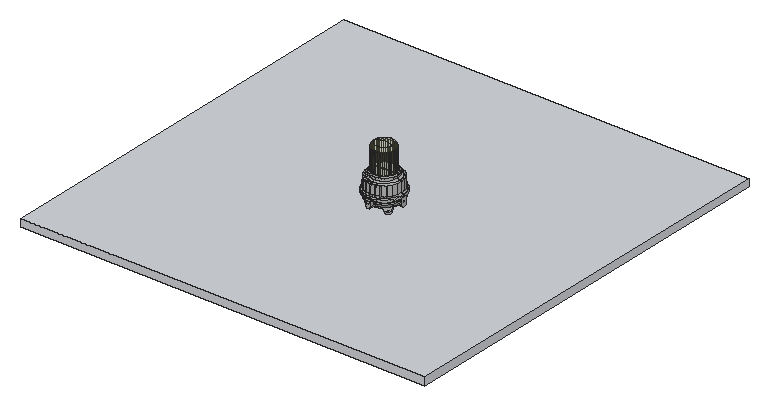
Revit family "ECJN", category Lighting Fixtures, host Face, Revit 2014
Parameters (values of type "ECJN")
  Wings = Paint - Hubbell - Light Silver
  Width = 280.00 mm
  Watts = 75 W
  Wattage Comments = "75W"
  Wattage = 50 W
  Warranty = "5 years Warranty"  # constant formula
  built-in parameter 1150110 = 1 (stored number, unit not read)
  Voltage = 120 V
  URL = "https://www.hubbell.com/chalmit/en"
  built-in parameter 1114217 = 1 (stored number, unit not read)
  Tilt Angle = 90.00°  # constant formula
  built-in parameter 1150109 = 1 (stored number, unit not read)
  built-in parameter 1150134 = 3
  built-in parameter 1150113 = 1 (stored number, unit not read)
  Reflector Finish = Hubbell - White Glass
  Product Link = "https://www.hubbell.com/chalmit/en/Products/Lighting-Controls/Harsh-Hazardous-Lighting/High-Bay---Low-Bay---Well-Glass/Eclipse-Jr/p/866077"
  Product Documentation Link = "https://hubbellcdn.com/specsheet/CHL_ECLIPSE_JR_WELLGLASS_ZONE2.pdf"
  Power Factor = 1
  Photometric Web File = "CHL_ECJN_050_HS.ies"
  Pendent Height [instance] = 97.00 mm
  built-in parameter 1150142 = "﻿IESNA:LM-63-1995\r\n[TEST]BAL-5466\r\n[DATE]UNKNOWN\r\n[MANUFAC]Chalmit Lighting\r\n[LUMCAT]ECJN/050/HS\r\n[LUMINAIRE]Eclipse Junior Well Glass\r\n[LAMP]50W SON-E\r\n[_LUMTYPE]Low Bay\r\n[_LAMPTYPE]HID\r\n[_LAMPMORE]Coated Elliptical High Pressure Sodium, E27\r\n[_HAZRATING]Zone 2\r\n[_HAZPRO]Ex nA, Ex nR, ATEX, GOST, CEPEL\r\n[_ENVIRORATING]IP66\r\n[_AMBIENT]-45°C to +50°C (T4)\r\n[_MOUNT]Surface, Suspended, Wall, Stanchion, Pendant\r\n[_KEYWORDS]Wire Guard, Pole, Column, Mast, HPS\r\n[_DRAWFILE]ECLIPSEJR.dwg\r\nLAMP TYPE: H39KC-175DX\r\nLUMINAIRE WITH GLASS GLOBE ONLY NO GUARD\r\n \r\nTILT=NONE\r\n1 3500 1 37 1 1 1 0.46 0.46 0.55\r\n1 1 60\r\n0 5 10 15 20 25 30 35 40 45 50 55 60 65 70 75 80 85 90 95 100 105 110 115 120\r\n 125 130 135 140 145 150 155 160 165 170 175 180\r\n0\r\n144.5 143.7 151.4 165.6 179.1 198.6 232.4 265.8 288.6 302 318.3 328 336.2 347.1\r\n 345.9 349.6 355.7 353.3 345.1 343.1 332.9 312.1 288.9 261.3 223.8 164.4 109.1\r\n 62.7 19.1 2.1 0.8 0 0 0 0 0 0\r\n\r\n"
  Mounting = Paint - Hubbell - Light Silver
  Model = "ECJN"
  Manufacturer = "Chalmit"  # constant formula
  built-in parameter 1150105 = 397.89 (stored number, unit not read)
  Lumens = 5000 lm
  built-in parameter 1150115 = 1 (stored number, unit not read)
  Load Classification = Lighting
  built-in parameter 1150137 = (empty or 0)
  built-in parameter 1150139 = (empty or 0)
  Length = 245.00 mm
  built-in parameter 1150112 = 1 (stored number, unit not read)
  built-in parameter 1150114 = 1 (stored number, unit not read)
  Lamp = "LED"  # constant formula
  Inner Length = 200.00 mm
  built-in parameter 1150132 = (empty or 0)
  built-in parameter 1150102 = (empty or 0)
  built-in parameter 1150107 = 3200 (stored number, unit not read)
  built-in parameter 1150138 = (empty or 0)
  built-in parameter 1150106 = 3.9789 (stored number, unit not read)
  IP Rating = "IP66/67"  # constant formula
  Housing Material = Paint - Hubbell - White Texture
  Glass = Hubbell - Glass
  Fixture distribution = "Direct"  # constant formula
  Features = "Compact size and low weight.\r\nEasy access for wiring and control gear.\r\nUnrestricted breathing gear enclosure removes the need for special glands or cable.\r\nCorrosion resistant.\r\nExcellent light distribution.\r\nSuitable for a wide range of ambient temperatures from -30˚C to +55˚C, dependant on lamp type and wattage.\r\nOption available for Zone 22 combustable dust environments.\r\nGOST-R and CEPEL Approved."  # constant formula
  Emit from Circle Diameter = 50.00 mm
  Emit Shape Visible in Rendering = no
  built-in parameter 1150104 = 9.2903 (stored number, unit not read)
  Height = 535.00 mm
  Dimming Lamp Color Temperature Shift = <None>
  Description = "The Eclipse Junior is a compact wellglass that incorporates the low maintenance features of the Eclipse II. Its low profile design and range of mounting options, offers an all round lighting solution in areas of limited space. The junior is available with a range up lamp types up to 150W and is suitable for use at low temperatures (-30°C)."  # constant formula
  Default Elevation = 1219.20 mm
  Copyright = " ©2020 Chalmit, a division of Hubbell Lighting, Inc"  # constant formula
  Contact = "https://www.hubbell.com/chalmit/en/contactUs"
  Connector Description = "Lighting Connector"  # constant formula
  Color Filter = 16777215
  built-in parameter 1114218 = 1 (stored number, unit not read)
  built-in parameter 1150133 = 10 (stored number, unit not read)
  Assembly Code = "D5020200"
  Apparent Load = Watts / Power Factor  # 75 VA
Reference planes
  plane 1 "Center (Front/Back)": y = 0
  plane 2: z = 14.125
  plane 3 "Center (Left/Right)": x = 0
  plane 4: z = -150.375
  plane 5: x = 122.5
  plane 6: x = -122.5
  plane 7: z = 189.125
  plane 8: z = 324.125
  plane 9: z = 105.125
  plane 10: z = 189.125
  plane 11: x = -100
  plane 12: x = 100
Forms (mm)
  Extrusion 1, solid
    sketch origin (0, 0, 0) x (1, 0, 0) y (0, 1, 0)
      loop
        line (-1219.2, 1219.2) -> (-1219.2, -1219.2) -> (1219.2, -1219.2) -> (1219.2, 1219.2) -> (-1219.2, 1219.2)
    from 14.125 to -31.75
  Revolve 2, solid, material "Paint - Hubbell - White Texture" <- "Housing Material"
    sketch origin (0, 0, 0) x (1, 0, 0) y (0, 0, 1)
      loop
        line (0, 14.125) -> (115, 14.125) -> (115, 70.653)
        arc (115, 70.653) -> (114.187, 73.084) -> (112.074, 74.537) r 4.041
        arc (112.074, 74.537) -> (106.528, 78.349) -> (104.393, 84.732) r 10.607
        line (104.393, 84.732) -> (102.474, 139.698)
        arc (102.474, 139.698) -> (99.552, 143.579) -> (94.924, 145.053) r 8
        line (94.924, 145.053) -> (88.203, 145.053)
        arc (88.203, 145.053) -> (82.44, 147.14) -> (79.35, 152.432) r 9
        line (79.35, 152.432) -> (79.35, 167.432)
        arc (79.35, 167.432) -> (77.885, 170.967) -> (74.35, 172.432) r 5
        line (74.35, 172.432) -> (0, 172.432) -> (0, 14.125)
      axis (0, 172.432) -> (0, 14.125)
    angle from 0 to 360
  Revolve 3, solid, material "Hubbell - Glass" <- "Glass"
    sketch origin (0, 0, 0) x (1, 0, 0) y (0, 0, 1)
      loop
        line (0, 172.789) -> (69.904, 172.789) -> (67.81, 292.77)
        arc (67.81, 292.77) -> (62.53, 307.68) -> (49.34, 316.411) r 24.925
        arc (49.34, 316.411) -> (24.876, 321.585) -> (0, 324.125) r 234.457
        line (0, 324.125) -> (0, 172.789)
      axis (0, 324.125) -> (0, 172.789)
    angle from 0 to 360
  Extrusion 4, solid, material "Paint - Hubbell - White Texture" <- "Housing Material"
    sketch origin (-0.804, 79.196, 0) x (0, -1, 0) y (0, 0, -1)
      loop
        line (63.393, -63.584) -> (95, -63.584) -> (95, -29.88)
        arc (95, -29.88) -> (79.196, -14.076) -> (63.393, -29.88) r 15.804
        line (63.393, -29.88) -> (63.393, -63.584)
      loop
        circle (79.821, -44.623) r 10
    from 90 to 120
  Revolve 5, void
    sketch origin (0, 0, 0) x (1, 0, 0) y (0, 0, 1)
      loop
        arc (116.125, 57.864) -> (111.159, 56.24) -> (107.934, 52.128) r 8.99
        line (107.934, 52.128) -> (107.934, 40.837) -> (94.489, 22.332) -> (94.489, 8.597) -> (128.307, 8.597) -> (128.307, 57.864) -> (116.125, 57.864)
      axis (0, 57.864) -> (0, 8.597)
    angle from 0 to 360
  Extrusion 6, solid, material "Paint - Hubbell - White Texture" <- "Housing Material"
    sketch origin (0.804, 79.196, 0) x (0, -1, 0) y (0, 0, 1)
      loop
        line (63.393, 63.584) -> (63.393, 29.88)
        arc (63.393, 29.88) -> (79.196, 14.076) -> (95, 29.88) r 15.804
        line (95, 29.88) -> (95, 63.584) -> (63.393, 63.584)
      loop
        circle (79.821, 44.623) r 10
    from 90 to 120
  Extrusion 7, solid, material "Paint - Hubbell - White Texture" <- "Housing Material"
    sketch origin (79.196, -0.804, 0) x (-1, 0, 0) y (0, 0, 1)
      loop
        line (63.393, 63.584) -> (63.393, 29.88)
        arc (63.393, 29.88) -> (79.196, 14.076) -> (95, 29.88) r 15.804
        line (95, 29.88) -> (95, 63.584) -> (63.393, 63.584)
      loop
        circle (79.821, 44.623) r 10
    from 90 to 120
  Extrusion 8, solid, material "Paint - Hubbell - White Texture" <- "Housing Material"
    sketch origin (79.196, 0.804, 0) x (-1, 0, 0) y (0, 0, -1)
      loop
        line (63.393, -63.584) -> (95, -63.584) -> (95, -29.88)
        arc (95, -29.88) -> (79.196, -14.076) -> (63.393, -29.88) r 15.804
        line (63.393, -29.88) -> (63.393, -63.584)
      loop
        circle (79.821, -44.623) r 10
    from 90 to 120
  Extrusion 9, solid, material "Paint - Hubbell - White Texture" <- "Housing Material"
    sketch origin (0, 0, 0) x (-0.707107, 0.707107, 0) y (-0.707107, -0.707107, 0)
      loop
        line (-140.251, -18.536) -> (-89.365, -30.695)
        arc (-89.365, -30.695) -> (-93.199, -15.56) -> (-94.489, 0) r 94.489
        arc (-94.489, 0) -> (-93.771, 11.63) -> (-91.626, 23.083) r 94.489
        line (-91.626, 23.083) -> (-140.251, 11.464)
        arc (-140.251, 11.464) -> (-152.089, -3.536) -> (-140.251, -18.536) r 15.422
      loop
        circle (-134.017, -3.536) r 3.5
    from 22.332 to 14.125
  Extrusion 10, solid, material "Paint - Hubbell - White Texture" <- "Housing Material"
    sketch origin (0, 0, 0) x (0.707107, -0.707107, 0) y (0.707107, 0.707107, 0)
      loop
        arc (-140.251, 18.536) -> (-152.089, 3.536) -> (-140.251, -11.464) r 15.422
        line (-140.251, -11.464) -> (-91.626, -23.083)
        arc (-91.626, -23.083) -> (-93.771, -11.63) -> (-94.489, 0) r 94.489
        arc (-94.489, 0) -> (-93.199, 15.56) -> (-89.365, 30.695) r 94.489
        line (-89.365, 30.695) -> (-140.251, 18.536)
      loop
        circle (-134.017, 3.536) r 3.5
    from 22.332 to 14.125
  Extrusion 11, void
    sketch origin (0, 0, 0) x (1, 0, 0) y (0, 1, 0)
      loop
        line (-4.603, 71.864) -> (-4.603, 66.864) -> (4.147, 66.864) -> (4.147, 71.864) -> (-4.603, 71.864)
      loop
        line (14.154, 70.607) -> (12.859, 65.777) -> (21.311, 63.513) -> (22.605, 68.342) -> (14.154, 70.607)
      loop
        line (31.946, 64.538) -> (29.446, 60.208) -> (37.023, 55.833) -> (39.523, 60.163) -> (31.946, 64.538)
      loop
        line (47.561, 54.071) -> (44.025, 50.535) -> (50.212, 44.348) -> (53.748, 47.884) -> (47.561, 54.071)
      loop
        line (59.935, 39.919) -> (55.605, 37.419) -> (59.98, 29.841) -> (64.31, 32.341) -> (59.935, 39.919)
      loop
        line (68.224, 23.046) -> (63.395, 21.752) -> (65.659, 13.3) -> (70.489, 14.594) -> (68.224, 23.046)
      loop
        line (71.864, 4.603) -> (66.864, 4.603) -> (66.864, -4.147) -> (71.864, -4.147) -> (71.864, 4.603)
      loop
        line (-14.154, 70.607) -> (-22.605, 68.342) -> (-21.311, 63.513) -> (-12.859, 65.777) -> (-14.154, 70.607)
      loop
        line (-31.946, 64.538) -> (-39.523, 60.163) -> (-37.023, 55.833) -> (-29.446, 60.208) -> (-31.946, 64.538)
      loop
        line (-47.561, 54.071) -> (-53.748, 47.884) -> (-50.212, 44.348) -> (-44.025, 50.535) -> (-47.561, 54.071)
      loop
        line (-59.935, 39.919) -> (-64.31, 32.341) -> (-59.98, 29.841) -> (-55.605, 37.419) -> (-59.935, 39.919)
      loop
        line (-68.224, 23.046) -> (-70.489, 14.594) -> (-65.659, 13.3) -> (-63.395, 21.752) -> (-68.224, 23.046)
      loop
        line (-71.864, 4.603) -> (-71.864, -4.147) -> (-66.864, -4.147) -> (-66.864, 4.603) -> (-71.864, 4.603)
      loop
        line (-4.603, -71.864) -> (4.147, -71.864) -> (4.147, -66.864) -> (-4.603, -66.864) -> (-4.603, -71.864)
      loop
        line (14.154, -70.607) -> (22.605, -68.342) -> (21.311, -63.513) -> (12.859, -65.777) -> (14.154, -70.607)
      loop
        line (31.946, -64.538) -> (39.523, -60.163) -> (37.023, -55.833) -> (29.446, -60.208) -> (31.946, -64.538)
      loop
        line (47.561, -54.071) -> (53.748, -47.884) -> (50.212, -44.348) -> (44.025, -50.535) -> (47.561, -54.071)
      loop
        line (59.935, -39.919) -> (64.31, -32.341) -> (59.98, -29.841) -> (55.605, -37.419) -> (59.935, -39.919)
      loop
        line (68.224, -23.046) -> (70.489, -14.594) -> (65.659, -13.3) -> (63.395, -21.752) -> (68.224, -23.046)
      loop
        line (-14.154, -70.607) -> (-12.859, -65.777) -> (-21.311, -63.513) -> (-22.605, -68.342) -> (-14.154, -70.607)
      loop
        line (-31.946, -64.538) -> (-29.446, -60.208) -> (-37.023, -55.833) -> (-39.523, -60.163) -> (-31.946, -64.538)
      loop
        line (-47.561, -54.071) -> (-44.025, -50.535) -> (-50.212, -44.348) -> (-53.748, -47.884) -> (-47.561, -54.071)
      loop
        line (-59.935, -39.919) -> (-55.605, -37.419) -> (-59.98, -29.841) -> (-64.31, -32.341) -> (-59.935, -39.919)
      loop
        line (-68.224, -23.046) -> (-63.395, -21.752) -> (-65.659, -13.3) -> (-70.489, -14.594) -> (-68.224, -23.046)
    from 335 to 150
  Extrusion 12, void
    sketch origin (0, 0, 0) x (1, 0, 0) y (0, 1, 0)
      loop
        line (-3.664, 106.864) -> (-3.664, 100.366) -> (4.056, 100.366) -> (4.056, 106.864) -> (-3.664, 106.864)
      loop
        line (24.119, 104.171) -> (22.437, 97.894) -> (29.894, 95.896) -> (31.576, 102.173) -> (24.119, 104.171)
      loop
        line (50.259, 94.379) -> (47.009, 88.752) -> (53.696, 84.891) -> (56.945, 90.519) -> (50.259, 94.379)
      loop
        line (72.973, 78.156) -> (68.378, 73.561) -> (73.837, 68.101) -> (78.433, 72.696) -> (72.973, 78.156)
      loop
        line (90.715, 56.606) -> (85.087, 53.356) -> (88.947, 46.67) -> (94.575, 49.919) -> (90.715, 56.606)
      loop
        line (102.275, 31.198) -> (95.998, 29.516) -> (97.996, 22.059) -> (104.273, 23.741) -> (102.275, 31.198)
      loop
        line (106.864, 3.664) -> (100.366, 3.664) -> (100.366, -4.056) -> (106.864, -4.056) -> (106.864, 3.664)
      loop
        line (-24.119, 104.171) -> (-31.576, 102.173) -> (-29.894, 95.896) -> (-22.437, 97.894) -> (-24.119, 104.171)
      loop
        line (-50.259, 94.379) -> (-56.945, 90.519) -> (-53.696, 84.891) -> (-47.009, 88.752) -> (-50.259, 94.379)
      loop
        line (-72.973, 78.156) -> (-78.433, 72.696) -> (-73.837, 68.101) -> (-68.378, 73.561) -> (-72.973, 78.156)
      loop
        line (-90.715, 56.606) -> (-94.575, 49.919) -> (-88.947, 46.67) -> (-85.087, 53.356) -> (-90.715, 56.606)
      loop
        line (-102.275, 31.198) -> (-104.273, 23.741) -> (-97.996, 22.059) -> (-95.998, 29.516) -> (-102.275, 31.198)
      loop
        line (-106.864, 3.664) -> (-106.864, -4.056) -> (-100.366, -4.056) -> (-100.366, 3.664) -> (-106.864, 3.664)
      loop
        line (-3.664, -106.864) -> (4.056, -106.864) -> (4.056, -100.366) -> (-3.664, -100.366) -> (-3.664, -106.864)
      loop
        line (24.119, -104.171) -> (31.576, -102.173) -> (29.894, -95.896) -> (22.437, -97.894) -> (24.119, -104.171)
      loop
        line (50.259, -94.379) -> (56.945, -90.519) -> (53.696, -84.891) -> (47.009, -88.752) -> (50.259, -94.379)
      loop
        line (72.973, -78.156) -> (78.433, -72.696) -> (73.837, -68.101) -> (68.378, -73.561) -> (72.973, -78.156)
      loop
        line (90.715, -56.606) -> (94.575, -49.919) -> (88.947, -46.67) -> (85.087, -53.356) -> (90.715, -56.606)
      loop
        line (102.275, -31.198) -> (104.273, -23.741) -> (97.996, -22.059) -> (95.998, -29.516) -> (102.275, -31.198)
      loop
        line (-24.119, -104.171) -> (-22.437, -97.894) -> (-29.894, -95.896) -> (-31.576, -102.173) -> (-24.119, -104.171)
      loop
        line (-50.259, -94.379) -> (-47.009, -88.752) -> (-53.696, -84.891) -> (-56.945, -90.519) -> (-50.259, -94.379)
      loop
        line (-72.973, -78.156) -> (-68.378, -73.561) -> (-73.837, -68.101) -> (-78.433, -72.696) -> (-72.973, -78.156)
      loop
        line (-90.715, -56.606) -> (-85.087, -53.356) -> (-88.947, -46.67) -> (-94.575, -49.919) -> (-90.715, -56.606)
      loop
        line (-102.275, -31.198) -> (-95.998, -29.516) -> (-97.996, -22.059) -> (-104.273, -23.741) -> (-102.275, -31.198)
    from 139.698 to 77.379
Cuts and joins
  Revolve 5, Extrusion 12 cuts Revolve 2
  Extrusion 11 cuts Revolve 3
Dimensions and locks
  plane 2 to plane 4 = 164.50 mm
  "Length": plane 5 to plane 6
  equal spacing: plane 5, plane 3 "Center (Left/Right)", plane 6
  plane 2 to plane 7 to plane 8 = 175.00 mm, 135.00 mm
  plane 2 to plane 8 = 310.00 mm
  plane 8 to plane 7 to Extrusion 1 = 135.00 mm, 175.00 mm
  plane 8 to Extrusion 1 = 310.00 mm
  "Inner Length": plane 12 to plane 11
  equal spacing: plane 12, plane 3 "Center (Left/Right)", plane 11
  aligned and locked: plane 2 to Extrusion 1
Automatic sketch dimensions
  Extrusion 1 sketch curve to Extrusion 1 sketch curve = 2438.40 mm  (x2)
  Revolve 2 sketch curve to plane 3 "Center (Left/Right)" = 0.00 mm  (x2)
  Revolve 2 sketch curve to plane 2 = 0.00 mm
  Revolve 2 sketch curve to plane 12 = 25.65 mm
  Revolve 2 sketch curve to Revolve 2 sketch curve = 5.00 mm
  Revolve 2 sketch curve to Revolve 2 sketch curve = 8.853 mm
  Revolve 2 sketch curve to plane 12 = 5.076 mm
  plane 12 to Revolve 2 sketch curve = 2.474 mm
  plane 12 to Revolve 2 sketch curve = 4.393 mm
  plane 12 to Revolve 2 sketch curve = 10.959 mm
  Revolve 2 sketch curve to plane 5 = 7.50 mm  (x2)
  plane 9 to Revolve 2 sketch curve = 34.472 mm
  Revolve 2 sketch curve to Revolve 2 sketch curve = 14.079 mm
  Revolve 2 sketch curve to plane 9 = 31.928 mm
  Revolve 2 sketch curve to Revolve 2 sketch curve = 2.645 mm
  Revolve 2 sketch curve to Revolve 2 sketch curve = 7.379 mm
  Revolve 2 sketch curve to Revolve 2 sketch curve = 15.00 mm
  Revolve 2 sketch curve to plane 4 = 85.50 mm
  Revolve 2 sketch curve to plane 8 = 80.00 mm
  Revolve 3 sketch curve to plane 3 "Center (Left/Right)" = 0.00 mm  (x2)
  Revolve 3 sketch curve to plane 8 = 0.00 mm
  Revolve 3 sketch curve to plane 3 "Center (Left/Right)" = 11.342 mm
  plane 3 "Center (Left/Right)" to Revolve 3 sketch curve = 42.889 mm
  Revolve 3 sketch curve to Revolve 3 sketch curve = 24.921 mm
  Revolve 3 sketch curve to plane 12 = 30.096 mm
  plane 8 to Revolve 3 sketch curve = 31.355 mm
  Revolve 3 sketch curve to Revolve 3 sketch curve = 0.435 mm
  plane 7 to Revolve 3 sketch curve = 16.336 mm
  plane 9 to Revolve 3 sketch curve = 15.183 mm
  plane 8 to Revolve 3 sketch curve = 15.00 mm
  plane 7 to Revolve 3 sketch curve = 5.00 mm
  Extrusion 4 sketch curve to plane 1 "Center (Front/Back)" = 0.00 mm
  Extrusion 4 sketch curve to plane 1 "Center (Front/Back)" = 15.804 mm
  plane 1 "Center (Front/Back)" to Extrusion 4 sketch curve = 0.625 mm
  plane 9 to Extrusion 4 sketch curve = 41.541 mm
  Extrusion 4 sketch curve to Extrusion 4 sketch curve = 18.962 mm
  plane 2 to Extrusion 4 sketch curve = 15.755 mm
  Revolve 5 sketch curve to plane 3 "Center (Left/Right)" = 0.00 mm
  Revolve 5 sketch curve to plane 12 = 5.511 mm
  plane 12 to Revolve 5 sketch curve = 7.934 mm
  Revolve 5 sketch curve to plane 5 = 6.375 mm
  Revolve 5 sketch curve to plane 5 = 6.185 mm
  plane 5 to Revolve 5 sketch curve = 5.807 mm
  Revolve 5 sketch curve to plane 2 = 5.528 mm
  plane 2 to Revolve 5 sketch curve = 8.207 mm
  Revolve 5 sketch curve to Revolve 5 sketch curve = 18.505 mm
  Revolve 5 sketch curve to Revolve 5 sketch curve = 8.039 mm
  Revolve 5 sketch curve to Revolve 5 sketch curve = 3.252 mm
  Revolve 5 sketch curve to level = 50.875 mm
  Revolve 5 sketch curve to Revolve 5 sketch curve = 30.00 mm
  Extrusion 6 sketch curve to plane 1 "Center (Front/Back)" = 0.00 mm
  Extrusion 6 sketch curve to plane 1 "Center (Front/Back)" = 15.804 mm
  plane 1 "Center (Front/Back)" to Extrusion 6 sketch curve = 0.625 mm
  plane 2 to Extrusion 6 sketch curve = 15.755 mm
  Extrusion 6 sketch curve to Extrusion 6 sketch curve = 14.743 mm
  Extrusion 6 sketch curve to Extrusion 6 sketch curve = 18.962 mm
  Extrusion 7 sketch curve to plane 3 "Center (Left/Right)" = 0.00 mm
  plane 3 "Center (Left/Right)" to Extrusion 7 sketch curve = 15.804 mm
  Extrusion 7 sketch curve to plane 3 "Center (Left/Right)" = 0.625 mm
  plane 2 to Extrusion 7 sketch curve = 15.755 mm
  Extrusion 7 sketch curve to Extrusion 7 sketch curve = 14.743 mm
  Extrusion 7 sketch curve to Extrusion 7 sketch curve = 18.962 mm
  Extrusion 8 sketch curve to plane 3 "Center (Left/Right)" = 0.00 mm
  plane 3 "Center (Left/Right)" to Extrusion 8 sketch curve = 15.804 mm
  Extrusion 8 sketch curve to plane 3 "Center (Left/Right)" = 0.625 mm
  plane 9 to Extrusion 8 sketch curve = 41.541 mm
  Extrusion 8 sketch curve to Extrusion 8 sketch curve = 18.962 mm
  plane 2 to Extrusion 8 sketch curve = 15.755 mm
  Extrusion 9 sketch curve to Extrusion 9 sketch curve = 0.00 mm  (x3)
  plane 1 "Center (Front/Back)" to Extrusion 9 sketch curve = 0.00 mm
  Extrusion 9 sketch curve to plane 3 "Center (Left/Right)" = 0.00 mm
  Extrusion 9 sketch curve to Extrusion 9 sketch curve = 89.365 mm
  Extrusion 9 sketch curve to Extrusion 9 sketch curve = 2.262 mm
  Extrusion 9 sketch curve to Extrusion 9 sketch curve = 42.39 mm
  Extrusion 9 sketch curve to Extrusion 9 sketch curve = 2.65 mm
  Extrusion 9 sketch curve to Extrusion 9 sketch curve = 3.584 mm  (x2)
  Extrusion 9 sketch curve to Extrusion 9 sketch curve = 11.464 mm
  Extrusion 9 sketch curve to Extrusion 9 sketch curve = 23.083 mm
  Extrusion 9 sketch curve to Extrusion 9 sketch curve = 15.00 mm
  Extrusion 10 sketch curve to Extrusion 10 sketch curve = 0.00 mm  (x3)
  plane 1 "Center (Front/Back)" to Extrusion 10 sketch curve = 0.00 mm
  Extrusion 10 sketch curve to plane 3 "Center (Left/Right)" = 0.00 mm
  Extrusion 10 sketch curve to Extrusion 10 sketch curve = 89.365 mm
  Extrusion 10 sketch curve to Extrusion 10 sketch curve = 2.262 mm
  Extrusion 10 sketch curve to Extrusion 10 sketch curve = 42.39 mm
  Extrusion 10 sketch curve to Extrusion 10 sketch curve = 2.65 mm
  Extrusion 10 sketch curve to Extrusion 10 sketch curve = 3.584 mm  (x2)
  Extrusion 10 sketch curve to Extrusion 10 sketch curve = 11.464 mm
  Extrusion 10 sketch curve to Extrusion 10 sketch curve = 23.083 mm
  Extrusion 10 sketch curve to Extrusion 10 sketch curve = 15.00 mm
  Extrusion 11 sketch curve to plane 1 "Center (Front/Back)" = 4.603 mm  (x2)
  plane 11 to Extrusion 11 sketch curve = 28.136 mm
  plane 1 "Center (Front/Back)" to Extrusion 11 sketch curve = 14.594 mm
  Extrusion 11 sketch curve to Extrusion 11 sketch curve = 1.375 mm  (x2)
  Extrusion 11 sketch curve to plane 1 "Center (Front/Back)" = 14.594 mm
  Extrusion 11 sketch curve to Extrusion 11 sketch curve = 2.265 mm  (x8)
  Extrusion 11 sketch curve to Extrusion 11 sketch curve = 5.00 mm  (x4)
  plane 1 "Center (Front/Back)" to Extrusion 11 sketch curve = 13.30 mm  (x2)
  Extrusion 11 sketch curve to Extrusion 11 sketch curve = 4.83 mm  (x4)
  Extrusion 11 sketch curve to plane 1 "Center (Front/Back)" = 13.30 mm  (x2)
  Extrusion 11 sketch curve to Extrusion 11 sketch curve = 3.914 mm  (x2)
  Extrusion 11 sketch curve to Extrusion 11 sketch curve = 4.33 mm  (x8)
  Extrusion 11 sketch curve to Extrusion 11 sketch curve = 4.375 mm  (x4)
  Extrusion 11 sketch curve to Extrusion 11 sketch curve = 6.187 mm  (x6)
  Extrusion 11 sketch curve to Extrusion 11 sketch curve = 3.536 mm  (x8)
  Extrusion 11 sketch curve to Extrusion 11 sketch curve = 8.037 mm  (x2)
  Extrusion 11 sketch curve to Extrusion 11 sketch curve = 2.50 mm  (x8)
  Extrusion 11 sketch curve to Extrusion 11 sketch curve = 7.578 mm  (x4)
  Extrusion 11 sketch curve to Extrusion 11 sketch curve = 9.34 mm  (x2)
  Extrusion 11 sketch curve to Extrusion 11 sketch curve = 1.294 mm  (x5)
  Extrusion 11 sketch curve to Extrusion 11 sketch curve = 8.452 mm  (x4)
  Extrusion 11 sketch curve to plane 3 "Center (Left/Right)" = 4.603 mm  (x2)
  plane 3 "Center (Left/Right)" to Extrusion 11 sketch curve = 4.147 mm  (x2)
  Extrusion 11 sketch curve to Extrusion 11 sketch curve = 8.713 mm  (x2)
  Extrusion 11 sketch curve to Extrusion 11 sketch curve = 8.134 mm  (x2)
  Extrusion 11 sketch curve to Extrusion 11 sketch curve = 7.002 mm  (x2)
  Extrusion 11 sketch curve to Extrusion 11 sketch curve = 5.392 mm  (x2)
  Extrusion 11 sketch curve to Extrusion 11 sketch curve = 3.415 mm  (x2)
  Extrusion 11 sketch curve to Extrusion 11 sketch curve = 1.205 mm
  Extrusion 11 sketch curve to Extrusion 11 sketch curve = 9.746 mm
  Extrusion 11 sketch curve to Extrusion 11 sketch curve = 8.089 mm  (x4)
  Extrusion 11 sketch curve to Extrusion 11 sketch curve = 6.929 mm  (x4)
  Extrusion 11 sketch curve to Extrusion 11 sketch curve = 5.298 mm  (x4)
  Extrusion 11 sketch curve to Extrusion 11 sketch curve = 3.305 mm  (x4)
  Extrusion 11 sketch curve to Extrusion 11 sketch curve = 1.087 mm  (x2)
  plane 1 "Center (Front/Back)" to Extrusion 11 sketch curve = 4.147 mm  (x2)
  Extrusion 12 sketch curve to plane 11 = 6.864 mm
  Extrusion 12 sketch curve to plane 11 = 4.273 mm  (x2)
  Extrusion 12 sketch curve to plane 11 = 2.275 mm  (x2)
  Extrusion 12 sketch curve to plane 11 = 0.366 mm
  plane 11 to Extrusion 12 sketch curve = 2.004 mm  (x2)
  plane 11 to Extrusion 12 sketch curve = 5.425 mm  (x2)
  Extrusion 12 sketch curve to Extrusion 12 sketch curve = 3.86 mm  (x8)
  Extrusion 12 sketch curve to Extrusion 12 sketch curve = 5.628 mm  (x4)
  Extrusion 12 sketch curve to Extrusion 12 sketch curve = 12.282 mm  (x2)
  Extrusion 12 sketch curve to Extrusion 12 sketch curve = 4.595 mm  (x8)
  Extrusion 12 sketch curve to Extrusion 12 sketch curve = 5.459 mm  (x4)
  Extrusion 12 sketch curve to Extrusion 12 sketch curve = 16.029 mm  (x2)
  Extrusion 12 sketch curve to Extrusion 12 sketch curve = 3.249 mm  (x8)
  Extrusion 12 sketch curve to Extrusion 12 sketch curve = 6.686 mm  (x4)
  Extrusion 12 sketch curve to Extrusion 12 sketch curve = 18.682 mm  (x2)
  Extrusion 12 sketch curve to Extrusion 12 sketch curve = 1.682 mm  (x8)
  Extrusion 12 sketch curve to Extrusion 12 sketch curve = 7.457 mm  (x4)
  Extrusion 12 sketch curve to plane 3 "Center (Left/Right)" = 3.664 mm  (x2)
  plane 3 "Center (Left/Right)" to Extrusion 12 sketch curve = 4.056 mm  (x2)
  Extrusion 12 sketch curve to Extrusion 12 sketch curve = 18.381 mm  (x2)
  Extrusion 12 sketch curve to Extrusion 12 sketch curve = 17.115 mm  (x2)
  Extrusion 12 sketch curve to Extrusion 12 sketch curve = 14.683 mm  (x2)
  Extrusion 12 sketch curve to plane 12 = 14.913 mm  (x2)
  Extrusion 12 sketch curve to plane 12 = 4.002 mm  (x2)
  Extrusion 12 sketch curve to plane 12 = 2.004 mm  (x2)
  plane 12 to Extrusion 12 sketch curve = 0.366 mm
  plane 12 to Extrusion 12 sketch curve = 2.275 mm  (x2)
  Extrusion 12 sketch curve to Extrusion 12 sketch curve = 6.498 mm  (x3)
  plane 1 "Center (Front/Back)" to Extrusion 12 sketch curve = 106.864 mm
  Extrusion 12 sketch curve to Extrusion 12 sketch curve = 2.693 mm  (x2)
  Extrusion 12 sketch curve to Extrusion 12 sketch curve = 1.998 mm  (x4)
  Extrusion 12 sketch curve to Extrusion 12 sketch curve = 7.794 mm  (x2)
  Extrusion 12 sketch curve to Extrusion 12 sketch curve = 12.364 mm  (x2)
  Extrusion 12 sketch curve to Extrusion 12 sketch curve = 16.091 mm  (x2)
  Extrusion 12 sketch curve to Extrusion 12 sketch curve = 18.721 mm  (x2)
  plane 1 "Center (Front/Back)" to Extrusion 12 sketch curve = 4.056 mm  (x2)
  Extrusion 12 sketch curve to plane 1 "Center (Front/Back)" = 3.664 mm  (x2)
  Extrusion 12 sketch curve to Extrusion 12 sketch curve = 18.394 mm  (x2)
  Extrusion 12 sketch curve to Extrusion 12 sketch curve = 17.154 mm  (x2)
  Extrusion 12 sketch curve to Extrusion 12 sketch curve = 14.745 mm  (x2)
  Extrusion 12 sketch curve to Extrusion 12 sketch curve = 11.331 mm  (x2)
  Extrusion 12 sketch curve to Extrusion 12 sketch curve = 7.145 mm  (x2)
  Extrusion 12 sketch curve to Extrusion 12 sketch curve = 2.471 mm
  radius of Extrusion 4 sketch curve = 10.00 mm
  radius of Extrusion 6 sketch curve = 10.00 mm
  radius of Extrusion 7 sketch curve = 10.00 mm
  radius of Extrusion 8 sketch curve = 10.00 mm
  radius of Extrusion 9 sketch curve = 3.50 mm
  radius of Extrusion 10 sketch curve = 3.50 mm
Connectors
  electrical at (0, 0, 14.125), driven by "Voltage", driven by "Apparent Load", driven by "Power Factor", driven by "Connector Description"
    settings: on cut or joined group of Revolve 2, Revolve 5, Extrusion 12, index 1, voltage 120 V, apparent load 75 VA, apparent load phase1 0 VA, apparent load phase2 0 VA, apparent load phase3 0 VA, power factor 1, load classification "Other", number of poles 1, system type 30, power factor state 1, is connector primary yes, connector utility no, sub classification motor no, connector description "Lighting Connector"
